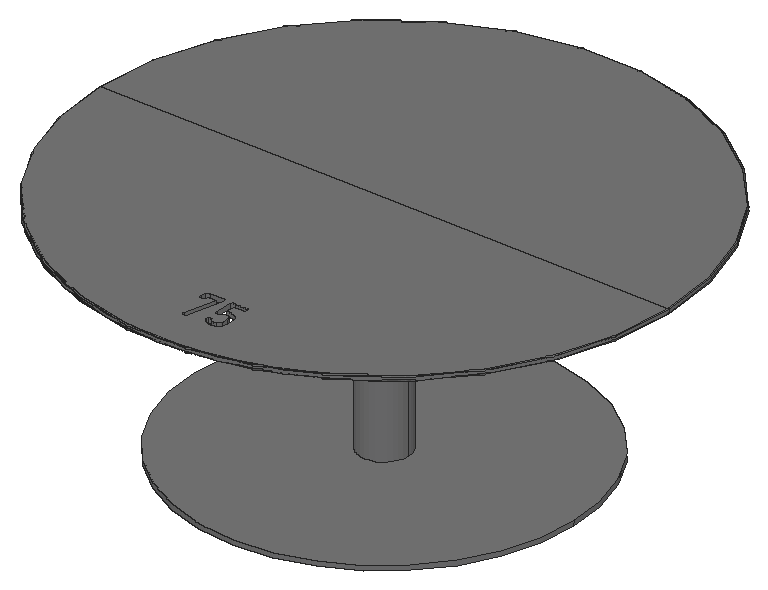
Revit family "Chip", category Furniture, Revit 2015
Parameters (values of type "75")
  Weight = 17.00 kg
  URL = "http://www.loookindustries.com/en/component/djcatalog2/item/1-default/16-area"
  Top = Chip Table Top - 75 : Chip Table Top - 75
  Model = "Chip 75"
  Manufacturer = "Loook Industries Ltd."  # constant formula
  Keynote = "5111"
  Height = 300 mm
  Diameter = 750 mm
  Design by = "IVAR GESTRANIUS & KEVIN LAHTINEN"  # constant formula
  Colour [instance] = RAL 790-4 Effect - Black
  Base = Chip - Table Base : Chip - Table Base 75
  BIM Author = "Mika Leinonen - mikaleinonen@outlook.com"  # constant formula
Types (3, lengths in mm): name | Weight | Top | Model | Height | Diameter | Colour | Base
  35 | 6.80 kg | Chip Table Top - 35 : Chip Table Top - 35 | "Chip 35" | 400 | 350 | RAL 790-4 Effect - Black | Chip - Table Base : Chip - Table Base 35
  55 | 11.50 kg | Chip Table Top - 55 : Chip Table Top - 55 | "Chip 55" | 350 | 550 | RAL 120-1 Effect - White | Chip - Table Base : Chip - Table Base 55
  75 | 17.00 kg | Chip Table Top - 75 : Chip Table Top - 75 | "Chip 75" | 300 | 750 | RAL 790-4 Effect - Black | Chip - Table Base : Chip - Table Base 75
Reference planes
  plane 1 "Center (Front/Back)": y = 0
  plane 2 "Bottom": z = 0
  plane 3 "Center (Left/Right)": x = 0
  plane 4 "Front": y = -375
  plane 5 "Left": x = -375
  plane 6 "Back": y = 375
  plane 7 "Right": x = 375
  plane 8 "Top": z = 300
  plane 9 "Center (Elevation)": z = 150
Dimensions and locks
  equal spacing: plane 5 "Left", plane 3 "Center (Left/Right)", plane 7 "Right"
  equal spacing: plane 6 "Back", plane 1 "Center (Front/Back)", plane 4 "Front"
  "Diameter": plane 5 "Left" to plane 7 "Right"
  "Diameter": plane 6 "Back" to plane 4 "Front"
  equal spacing: plane 8 "Top", plane 9 "Center (Elevation)", plane 2 "Bottom"
  "Height": plane 8 "Top" to plane 2 "Bottom"
  aligned and locked: level to plane 2 "Bottom"
  aligned and locked: plane 3 "Center (Left/Right)" to nested 1
  aligned and locked: plane 1 "Center (Front/Back)" to nested 1
  aligned and locked: plane 1 "Center (Front/Back)" to nested 2
  aligned and locked: plane 3 "Center (Left/Right)" to nested 2
  aligned and locked: plane 8 "Top" to nested 2
Nested families
  nested 1: "Chip - Table Base" at (0, 0, 0), type <- "Base", Colour <- "Colour", type "Chip - Table Base 75"
    with Colour RAL 790-4 Effect - Black, Height 294 mm, Bottom Diameter 500 mm
  nested 2: "Chip Table Top - 75" at (0, 0, 294), Colour <- "Colour", type <- "Top", type "Chip Table Top - 75"
    with Colour RAL 790-4 Effect - Black
Definition of nested family "Chip - Table Base"
  Parameters (values of type "Chip - Table Base 55")
    Top Diameter = 200 mm
    Center Diameter = 63.5 mm
    Manufacturer = "Loook Industries Ltd."
    Height = 344 mm
    Design by = "IVAR GESTRANIUS & KEVIN LAHTINEN"  # constant formula
    Colour [instance] = none
    Bottom Diameter = 400 mm
    BIM Author = "Mika Leinonen - mikaleinonen@outlook.com"  # constant formula
  Types (2, lengths in mm): name | Top Diameter | Center Diameter | Height | Bottom Diameter
    Chip - Table Base 55 | 200 | 63.5 | 344 | 400
    Chip - Table Base 35 | 150 | 44.5 | 394 | 300
  Reference planes
    plane 1 "Center (Front/Back)": y = 0
    plane 2 "Bottom": z = 0
    plane 3 "Center (Left/Right)": x = 0
    plane 4 "Front": y = -100
    plane 5 "Left": x = -100
    plane 6 "Back": y = 100
    plane 7 "Right": x = 100
    plane 8 "Top": z = 344
    plane 9 "Center (Elevation)": z = 172
    plane 10: z = 6
    plane 11: z = 338
    plane 12: y = 200
    plane 13: y = -200
    plane 14: x = 200
    plane 15: x = -200
    plane 16: x = -31.75
    plane 17: x = 31.75
  Forms (mm)
    Extrusion 1, solid
      sketch origin (0, 0, 0) x (1, 0, 0) y (0, 1, 0)
        loop
          circle (0, 0) r 200
      from 0 to 6
    Extrusion 2, solid
      sketch origin (0, 0, 0) x (1, 0, 0) y (0, 1, 0)
        loop
          circle (0, 0) r 31.75
      from 6 to 338
    Extrusion 3, solid
      sketch origin (0, 0, 344) x (-1, 0, 0) y (0, -1, 0)
        loop
          circle (0, 0) r 100
      from -6 to 0
  Cuts and joins
    joined: Extrusion 1, Extrusion 2, Extrusion 3
  Dimensions and locks
    equal spacing: plane 5 "Left", plane 3 "Center (Left/Right)", plane 7 "Right"
    equal spacing: plane 6 "Back", plane 1 "Center (Front/Back)", plane 4 "Front"
    "Top Diameter": plane 5 "Left" to plane 7 "Right"
    "Top Diameter": plane 6 "Back" to plane 4 "Front"
    equal spacing: plane 8 "Top", plane 9 "Center (Elevation)", plane 2 "Bottom"
    locked: plane 10 to plane 2 "Bottom" at 6
    "Height": plane 8 "Top" to plane 2 "Bottom"
    equal spacing: plane 15, plane 3 "Center (Left/Right)", plane 14
    equal spacing: plane 12, plane 1 "Center (Front/Back)", plane 13
    "Bottom Diameter": plane 12 to plane 13
    "Bottom Diameter": plane 15 to plane 14
    locked: plane 8 "Top" to plane 11 at 6
    equal spacing: plane 16, plane 3 "Center (Left/Right)", plane 17
    "Center Diameter": plane 16 to plane 17
    aligned and locked: level to plane 2 "Bottom"
    aligned and locked: Extrusion 1 to level
    aligned and locked: Extrusion 1 to plane 10
    aligned and locked: plane 10 to Extrusion 2
    aligned and locked: plane 11 to Extrusion 2
    aligned and locked: Extrusion 3 to plane 11
    aligned and locked: plane 8 "Top" to Extrusion 3
    aligned and locked: plane 1 "Center (Front/Back)" to Extrusion 3 sketch curve
    aligned and locked: plane 1 "Center (Front/Back)" to Extrusion 1 sketch curve
    aligned and locked: plane 5 "Left" to Extrusion 3 sketch curve
    aligned and locked: plane 15 to Extrusion 1 sketch curve
    aligned and locked: plane 16 to Extrusion 2 sketch curve
    aligned and locked: plane 1 "Center (Front/Back)" to Extrusion 2 sketch curve
  Automatic sketch dimensions
    Extrusion 3 sketch curve to Extrusion 3 sketch curve = 0 mm
    Extrusion 3 sketch curve to plane 7 "Right" = 0 mm
    Extrusion 1 sketch curve to Extrusion 1 sketch curve = 0 mm
    Extrusion 1 sketch curve to plane 3 "Center (Left/Right)" = 0 mm
    Extrusion 2 sketch curve to Extrusion 2 sketch curve = 0 mm
    Extrusion 2 sketch curve to plane 3 "Center (Left/Right)" = 0 mm
Definition of nested family "Chip Table Top - 75"
  Parameters (values of type "Chip Table Top - 75")
    Manufacturer = "Loook Industries Ltd."
    Height = 6 mm  # constant formula
    Diameter = 750 mm  # constant formula
    Design by = "IVAR GESTRANIUS & KEVIN LAHTINEN"  # constant formula
    Colour [instance] = none
    BIM Author = "Mika Leinonen - mikaleinonen@outlook.com"  # constant formula
  Reference planes
    plane 1 "Center (Front/Back)": y = 0
    plane 2 "Bottom": z = 0
    plane 3 "Center (Left/Right)": x = 0
    plane 4 "Front": y = -375
    plane 5 "Left": x = -375
    plane 6 "Back": y = 375
    plane 7 "Right": x = 375
    plane 8 "Top": z = 6
    plane 9 "Center (Elevation)": z = 3
  Forms (mm)
    Revolve 1, solid
      sketch origin (0, 0, 0) x (1, 0, 0) y (0, 0, 1)
        loop
          line (0, 0) -> (0, 6) -> (-374, 6)
          arc (-374, 6) -> (-374.707, 5.707) -> (-375, 5) r 1
          line (-375, 5) -> (-375, 1)
          arc (-375, 1) -> (-374.707, 0.293) -> (-374, 0) r 1
          line (-374, 0) -> (0, 0)
        axis (0, 0) -> (0, 6)
      angle from 0 to 360
    Extrusion 2, void
      sketch origin (0, 0, 0) x (1, 0, 0) y (0, 1, 0)
        loop
          arc (18.795, -269.606) -> (16.385, -270.604) -> (15.387, -273.014) r 3.408
          line (15.387, -273.014) -> (15.387, -295.152)
          arc (15.387, -295.152) -> (15.55, -296.317) -> (16.061, -297.376) r 3.813
          arc (16.061, -297.376) -> (18.477, -298.817) -> (21.148, -297.933) r 3.383
          arc (21.148, -297.933) -> (22.335, -296.259) -> (23.971, -295.019) r 6.748
          arc (23.971, -295.019) -> (26.199, -294.3) -> (28.536, -294.428) r 6.41
          arc (28.536, -294.428) -> (31.92, -296.213) -> (33.274, -299.792) r 5.404
          line (33.274, -299.792) -> (33.274, -308.288)
          arc (33.274, -308.288) -> (32.273, -311.417) -> (29.64, -313.383) r 5.388
          arc (29.64, -313.383) -> (24.702, -313.288) -> (20.993, -310.028) r 7.186
          arc (20.993, -310.028) -> (18.486, -309.344) -> (16.274, -310.707) r 3.264
          arc (16.274, -310.707) -> (15.594, -312.72) -> (16.102, -314.784) r 3.797
          arc (16.102, -314.784) -> (21.462, -319.831) -> (28.695, -321.206) r 13.149
          arc (28.695, -321.206) -> (37.058, -317.014) -> (40.429, -308.288) r 12.977
          line (40.429, -308.288) -> (40.429, -299.792)
          arc (40.429, -299.792) -> (39.314, -294.573) -> (36.164, -290.266) r 12.768
          arc (36.164, -290.266) -> (29.719, -287.065) -> (22.542, -287.583) r 13.66
          line (22.542, -287.583) -> (22.542, -276.761) -> (35.063, -276.761)
          arc (35.063, -276.761) -> (38.64, -273.183) -> (35.063, -269.606) r 3.578
          line (35.063, -269.606) -> (18.795, -269.606)
        loop
          arc (7.636, -274.01) -> (6.976, -270.967) -> (4.175, -269.606) r 3.562
          line (4.175, -269.606) -> (-14.665, -269.606)
          arc (-14.665, -269.606) -> (-17.195, -270.654) -> (-18.242, -273.183) r 3.577
          line (-18.242, -273.183) -> (-18.242, -279.489)
          arc (-18.242, -279.489) -> (-14.456, -283.208) -> (-10.83, -279.332) r 3.708
          line (-10.83, -279.332) -> (-10.83, -276.761) -> (-0.701, -276.761) -> (-10.517, -317.556)
          arc (-10.517, -317.556) -> (-7.22, -321.226) -> (-3.172, -318.406) r 3.726
          line (-3.172, -318.406) -> (7.636, -274.01)
      from 0 to 10
  Cuts and joins
    Extrusion 2 cuts Revolve 1
  Lines and regions (mm)
    Masking region 1
      outline origin (0, 0, 6) x (-1, 0, 0) y (0, -1, 0)
        loop
          circle (0, 0) r 375
        loop
          line (-40.429, 308.288) -> (-40.429, 299.792)
          arc (-40.429, 299.792) -> (-39.314, 294.573) -> (-36.164, 290.266) r 12.768
          arc (-36.164, 290.266) -> (-29.719, 287.065) -> (-22.542, 287.583) r 13.66
          line (-22.542, 287.583) -> (-22.542, 276.761) -> (-35.063, 276.761)
          arc (-35.063, 276.761) -> (-38.64, 273.183) -> (-35.063, 269.606) r 3.578
          line (-35.063, 269.606) -> (-18.795, 269.606)
          arc (-18.795, 269.606) -> (-16.385, 270.604) -> (-15.387, 273.014) r 3.408
          line (-15.387, 273.014) -> (-15.387, 295.152)
          arc (-15.387, 295.152) -> (-15.55, 296.317) -> (-16.061, 297.376) r 3.813
          arc (-16.061, 297.376) -> (-18.477, 298.817) -> (-21.148, 297.933) r 3.383
          arc (-21.148, 297.933) -> (-22.335, 296.259) -> (-23.971, 295.019) r 6.748
          arc (-23.971, 295.019) -> (-26.199, 294.3) -> (-28.536, 294.428) r 6.41
          arc (-28.536, 294.428) -> (-31.92, 296.213) -> (-33.274, 299.792) r 5.404
          line (-33.274, 299.792) -> (-33.274, 308.288)
          arc (-33.274, 308.288) -> (-32.273, 311.417) -> (-29.64, 313.383) r 5.388
          arc (-29.64, 313.383) -> (-24.702, 313.288) -> (-20.993, 310.028) r 7.186
          arc (-20.993, 310.028) -> (-18.486, 309.344) -> (-16.274, 310.707) r 3.264
          arc (-16.274, 310.707) -> (-15.594, 312.72) -> (-16.102, 314.784) r 3.797
          arc (-16.102, 314.784) -> (-21.462, 319.831) -> (-28.695, 321.206) r 13.149
          arc (-28.695, 321.206) -> (-37.058, 317.014) -> (-40.429, 308.288) r 12.977
        loop
          arc (-7.636, 274.01) -> (-6.976, 270.967) -> (-4.175, 269.606) r 3.562
          line (-4.175, 269.606) -> (14.665, 269.606)
          arc (14.665, 269.606) -> (17.195, 270.654) -> (18.242, 273.183) r 3.577
          line (18.242, 273.183) -> (18.242, 279.489)
          arc (18.242, 279.489) -> (14.456, 283.208) -> (10.83, 279.332) r 3.708
          line (10.83, 279.332) -> (10.83, 276.761) -> (0.701, 276.761) -> (10.517, 317.556)
          arc (10.517, 317.556) -> (7.22, 321.226) -> (3.172, 318.406) r 3.726
          line (3.172, 318.406) -> (-7.636, 274.01)
    symbolic lines
      curve 1: arc (-375, 0, 6) -> (0, -375, 6) -> (375, 0, 6) r 375
      curve 2: arc (375, 0, 6) -> (0, 375, 6) -> (-375, 0, 6) r 375
      curve 3: arc (-375, 0, 6) -> (0, -375, 6) -> (375, 0, 6) r 375
      curve 4: arc (375, 0, 6) -> (0, 375, 6) -> (-375, 0, 6) r 375
      curve 5: line (18.795, -269.606, 6) -> (35.063, -269.606, 6)
      curve 6: arc (35.063, -269.606, 6) -> (38.64, -273.183, 6) -> (35.063, -276.761, 6) r 3.578
      curve 7: line (35.063, -276.761, 6) -> (22.542, -276.761, 6)
      curve 8: line (22.542, -276.761, 6) -> (22.542, -287.583, 6)
      curve 9: arc (22.542, -287.583, 6) -> (29.719, -287.065, 6) -> (36.164, -290.266, 6) r 13.66
      curve 10: arc (36.164, -290.266, 6) -> (39.314, -294.573, 6) -> (40.429, -299.792, 6) r 12.768
      curve 11: line (40.429, -299.792, 6) -> (40.429, -308.288, 6)
      curve 12: arc (40.429, -308.288, 6) -> (37.058, -317.014, 6) -> (28.695, -321.206, 6) r 12.977
      curve 13: arc (28.695, -321.206, 6) -> (21.462, -319.831, 6) -> (16.102, -314.784, 6) r 13.149
      curve 14: arc (16.102, -314.784, 6) -> (15.594, -312.72, 6) -> (16.274, -310.707, 6) r 3.797
      curve 15: arc (16.274, -310.707, 6) -> (18.486, -309.344, 6) -> (20.993, -310.028, 6) r 3.264
      curve 16: arc (20.993, -310.028, 6) -> (24.702, -313.288, 6) -> (29.64, -313.383, 6) r 7.186
      curve 17: arc (29.64, -313.383, 6) -> (32.273, -311.417, 6) -> (33.274, -308.288, 6) r 5.388
      curve 18: line (33.274, -308.288, 6) -> (33.274, -299.792, 6)
      curve 19: arc (33.274, -299.792, 6) -> (31.92, -296.213, 6) -> (28.536, -294.428, 6) r 5.404
      curve 20: arc (28.536, -294.428, 6) -> (26.199, -294.3, 6) -> (23.971, -295.019, 6) r 6.41
      curve 21: arc (23.971, -295.019, 6) -> (22.335, -296.259, 6) -> (21.148, -297.933, 6) r 6.748
      curve 22: arc (21.148, -297.933, 6) -> (18.477, -298.817, 6) -> (16.061, -297.376, 6) r 3.383
      curve 23: arc (16.061, -297.376, 6) -> (15.55, -296.317, 6) -> (15.387, -295.152, 6) r 3.813
      curve 24: line (15.387, -295.152, 6) -> (15.387, -273.014, 6)
      curve 25: arc (15.387, -273.014, 6) -> (16.385, -270.604, 6) -> (18.795, -269.606, 6) r 3.408
      curve 26: line (-14.665, -269.606, 6) -> (4.175, -269.606, 6)
      curve 27: arc (4.175, -269.606, 6) -> (6.976, -270.967, 6) -> (7.636, -274.01, 6) r 3.562
      curve 28: line (7.636, -274.01, 6) -> (-3.172, -318.406, 6)
      curve 29: arc (-3.172, -318.406, 6) -> (-7.22, -321.226, 6) -> (-10.517, -317.556, 6) r 3.726
      curve 30: line (-10.517, -317.556, 6) -> (-0.701, -276.761, 6)
      curve 31: line (-0.701, -276.761, 6) -> (-10.83, -276.761, 6)
      curve 32: line (-10.83, -276.761, 6) -> (-10.83, -279.332, 6)
      curve 33: arc (-10.83, -279.332, 6) -> (-14.456, -283.208, 6) -> (-18.242, -279.489, 6) r 3.708
      curve 34: line (-18.242, -279.489, 6) -> (-18.242, -273.183, 6)
      curve 35: arc (-18.242, -273.183, 6) -> (-17.195, -270.654, 6) -> (-14.665, -269.606, 6) r 3.577
      curve 36: line (18.795, -269.606, 6) -> (35.063, -269.606, 6)
      curve 37: arc (35.063, -269.606, 6) -> (38.64, -273.183, 6) -> (35.063, -276.761, 6) r 3.578
      curve 38: line (35.063, -276.761, 6) -> (22.542, -276.761, 6)
      curve 39: line (22.542, -276.761, 6) -> (22.542, -287.583, 6)
      curve 40: arc (22.542, -287.583, 6) -> (29.719, -287.065, 6) -> (36.164, -290.266, 6) r 13.66
      curve 41: arc (36.164, -290.266, 6) -> (39.314, -294.573, 6) -> (40.429, -299.792, 6) r 12.768
      curve 42: line (40.429, -299.792, 6) -> (40.429, -308.288, 6)
      curve 43: arc (40.429, -308.288, 6) -> (37.058, -317.014, 6) -> (28.695, -321.206, 6) r 12.977
      curve 44: arc (28.695, -321.206, 6) -> (21.462, -319.831, 6) -> (16.102, -314.784, 6) r 13.149
      curve 45: arc (16.102, -314.784, 6) -> (15.594, -312.72, 6) -> (16.274, -310.707, 6) r 3.797
      curve 46: arc (16.274, -310.707, 6) -> (18.486, -309.344, 6) -> (20.993, -310.028, 6) r 3.264
      curve 47: arc (20.993, -310.028, 6) -> (24.702, -313.288, 6) -> (29.64, -313.383, 6) r 7.186
      curve 48: arc (29.64, -313.383, 6) -> (32.273, -311.417, 6) -> (33.274, -308.288, 6) r 5.388
      curve 49: line (33.274, -308.288, 6) -> (33.274, -299.792, 6)
      curve 50: arc (33.274, -299.792, 6) -> (31.92, -296.213, 6) -> (28.536, -294.428, 6) r 5.404
      curve 51: arc (28.536, -294.428, 6) -> (26.199, -294.3, 6) -> (23.971, -295.019, 6) r 6.41
      curve 52: arc (23.971, -295.019, 6) -> (22.335, -296.259, 6) -> (21.148, -297.933, 6) r 6.748
      curve 53: arc (21.148, -297.933, 6) -> (18.477, -298.817, 6) -> (16.061, -297.376, 6) r 3.383
      curve 54: arc (16.061, -297.376, 6) -> (15.55, -296.317, 6) -> (15.387, -295.152, 6) r 3.813
      curve 55: line (15.387, -295.152, 6) -> (15.387, -273.014, 6)
      curve 56: arc (15.387, -273.014, 6) -> (16.385, -270.604, 6) -> (18.795, -269.606, 6) r 3.408
      curve 57: line (-14.665, -269.606, 6) -> (4.175, -269.606, 6)
      curve 58: arc (4.175, -269.606, 6) -> (6.976, -270.967, 6) -> (7.636, -274.01, 6) r 3.562
      curve 59: line (7.636, -274.01, 6) -> (-3.172, -318.406, 6)
      curve 60: arc (-3.172, -318.406, 6) -> (-7.22, -321.226, 6) -> (-10.517, -317.556, 6) r 3.726
      curve 61: line (-10.517, -317.556, 6) -> (-0.701, -276.761, 6)
      curve 62: line (-0.701, -276.761, 6) -> (-10.83, -276.761, 6)
      curve 63: line (-10.83, -276.761, 6) -> (-10.83, -279.332, 6)
      curve 64: arc (-10.83, -279.332, 6) -> (-14.456, -283.208, 6) -> (-18.242, -279.489, 6) r 3.708
      curve 65: line (-18.242, -279.489, 6) -> (-18.242, -273.183, 6)
      curve 66: arc (-18.242, -273.183, 6) -> (-17.195, -270.654, 6) -> (-14.665, -269.606, 6) r 3.577
  Dimensions and locks
    equal spacing: plane 5 "Left", plane 3 "Center (Left/Right)", plane 7 "Right"
    equal spacing: plane 6 "Back", plane 1 "Center (Front/Back)", plane 4 "Front"
    "Diameter": plane 5 "Left" to plane 7 "Right"
    "Diameter": plane 6 "Back" to plane 4 "Front"
    equal spacing: plane 8 "Top", plane 9 "Center (Elevation)", plane 2 "Bottom"
    "Height": plane 8 "Top" to plane 2 "Bottom"
    aligned and locked: level to plane 2 "Bottom"
  Automatic sketch dimensions
    plane 5 "Left" to Revolve 1 sketch curve = 0 mm
    Revolve 1 sketch curve to plane 8 "Top" = 0 mm  (x2)
    Revolve 1 sketch curve to level = 0 mm  (x2)
    Revolve 1 sketch curve to plane 3 "Center (Left/Right)" = 0 mm  (x2)
    Revolve 1 sketch curve to Revolve 1 sketch curve = 1 mm
    Revolve 1 sketch curve to plane 5 "Left" = 1 mm
    plane 1 "Center (Front/Back)" to curve 2 = 0 mm
    curve 2 to plane 7 "Right" = 0 mm
    curve 2 to plane 3 "Center (Left/Right)" = 0 mm
    curve 1 to curve 3 = 0 mm  (x2)
    curve 4 to plane 7 "Right" = 0 mm
    Extrusion 2 sketch curve to plane 3 "Center (Left/Right)" = 18.242 mm
    Extrusion 2 sketch curve to Extrusion 2 sketch curve = 3.577 mm
    Extrusion 2 sketch curve to Extrusion 2 sketch curve = 3.708 mm
    Extrusion 2 sketch curve to Extrusion 2 sketch curve = 3.704 mm
    Extrusion 2 sketch curve to plane 3 "Center (Left/Right)" = 10.517 mm
    Extrusion 2 sketch curve to Extrusion 2 sketch curve = 3.725 mm
    Extrusion 2 sketch curve to plane 3 "Center (Left/Right)" = 3.172 mm
    Extrusion 2 sketch curve to plane 3 "Center (Left/Right)" = 0.701 mm
    plane 3 "Center (Left/Right)" to Extrusion 2 sketch curve = 4.175 mm
    Extrusion 2 sketch curve to Extrusion 2 sketch curve = 3.461 mm
    plane 3 "Center (Left/Right)" to Extrusion 2 sketch curve = 15.387 mm
    Extrusion 2 sketch curve to Extrusion 2 sketch curve = 3.408 mm
    Extrusion 2 sketch curve to Extrusion 2 sketch curve = 3.459 mm
    Extrusion 2 sketch curve to Extrusion 2 sketch curve = 0.106 mm
    Extrusion 2 sketch curve to Extrusion 2 sketch curve = 0.354 mm
    Extrusion 2 sketch curve to Extrusion 2 sketch curve = 0.437 mm
    Extrusion 2 sketch curve to Extrusion 2 sketch curve = 3.747 mm
    Extrusion 2 sketch curve to Extrusion 2 sketch curve = 7.821 mm
    Extrusion 2 sketch curve to Extrusion 2 sketch curve = 0.058 mm
    Extrusion 2 sketch curve to Extrusion 2 sketch curve = 0.161 mm
    Extrusion 2 sketch curve to Extrusion 2 sketch curve = 0.12 mm
    Extrusion 2 sketch curve to Extrusion 2 sketch curve = 0.134 mm
    Extrusion 2 sketch curve to Extrusion 2 sketch curve = 0.016 mm
    Extrusion 2 sketch curve to Extrusion 2 sketch curve = 0.583 mm
    Extrusion 2 sketch curve to Extrusion 2 sketch curve = 0.208 mm
    Extrusion 2 sketch curve to Extrusion 2 sketch curve = 0.434 mm
    Extrusion 2 sketch curve to Extrusion 2 sketch curve = 5.404 mm
    Extrusion 2 sketch curve to Extrusion 2 sketch curve = 12.521 mm
    Extrusion 2 sketch curve to Extrusion 2 sketch curve = 7.155 mm
    Extrusion 2 sketch curve to plane 4 "Front" = 56.594 mm
    Extrusion 2 sketch curve to Extrusion 2 sketch curve = 0.85 mm
    Extrusion 2 sketch curve to Extrusion 2 sketch curve = 5.526 mm
    Extrusion 2 sketch curve to Extrusion 2 sketch curve = 0.305 mm
    Extrusion 2 sketch curve to Extrusion 2 sketch curve = 4.592 mm
    Extrusion 2 sketch curve to Extrusion 2 sketch curve = 0 mm  (x5)
    Extrusion 2 sketch curve to Extrusion 2 sketch curve = 0.171 mm
    Extrusion 2 sketch curve to Extrusion 2 sketch curve = 1.529 mm
    Extrusion 2 sketch curve to Extrusion 2 sketch curve = 5.635 mm
    Extrusion 2 sketch curve to Extrusion 2 sketch curve = 0.297 mm
    Extrusion 2 sketch curve to Extrusion 2 sketch curve = 0.189 mm
    Extrusion 2 sketch curve to Extrusion 2 sketch curve = 0.676 mm
    Extrusion 2 sketch curve to Extrusion 2 sketch curve = 5.014 mm
    Extrusion 2 sketch curve to Extrusion 2 sketch curve = 0.244 mm
    Extrusion 2 sketch curve to Extrusion 2 sketch curve = 0.303 mm
    Extrusion 2 sketch curve to Extrusion 2 sketch curve = 7.627 mm
    Extrusion 2 sketch curve to Extrusion 2 sketch curve = 15.651 mm
    Extrusion 2 sketch curve to Extrusion 2 sketch curve = 0.012 mm
    Extrusion 2 sketch curve to Extrusion 2 sketch curve = 2.571 mm
    Extrusion 2 sketch curve to Extrusion 2 sketch curve = 10.822 mm
    Extrusion 2 sketch curve to Extrusion 2 sketch curve = 2.751 mm
    Extrusion 2 sketch curve to Extrusion 2 sketch curve = 3.578 mm  (x2)
    Extrusion 2 sketch curve to Extrusion 2 sketch curve = 2.849 mm
    Extrusion 2 sketch curve to Extrusion 2 sketch curve = 2.677 mm
    Extrusion 2 sketch curve to Extrusion 2 sketch curve = 2.042 mm
    Extrusion 2 sketch curve to Extrusion 2 sketch curve = 1.948 mm
    plane 1 "Center (Front/Back)" to Masking region 1 sketch curve = 0 mm
    Masking region 1 sketch curve to plane 7 "Right" = 0 mm
    Masking region 1 sketch curve to plane 3 "Center (Left/Right)" = 0 mm
    plane 3 "Center (Left/Right)" to Masking region 1 sketch curve = 40.429 mm
    Masking region 1 sketch curve to Masking region 1 sketch curve = 5.367 mm
    Masking region 1 sketch curve to Masking region 1 sketch curve = 7.155 mm
    Masking region 1 sketch curve to Masking region 1 sketch curve = 5.388 mm
    Masking region 1 sketch curve to Masking region 1 sketch curve = 5.404 mm
    Masking region 1 sketch curve to Masking region 1 sketch curve = 0.208 mm
    Masking region 1 sketch curve to Masking region 1 sketch curve = 0.434 mm
    Masking region 1 sketch curve to Masking region 1 sketch curve = 0.016 mm
    Masking region 1 sketch curve to Masking region 1 sketch curve = 0.134 mm
    Masking region 1 sketch curve to Masking region 1 sketch curve = 0.48 mm
    Masking region 1 sketch curve to Masking region 1 sketch curve = 0.102 mm
    Masking region 1 sketch curve to Masking region 1 sketch curve = 0.058 mm  (x2)
    Masking region 1 sketch curve to Masking region 1 sketch curve = 12.521 mm
    Masking region 1 sketch curve to Masking region 1 sketch curve = 8.064 mm
    Masking region 1 sketch curve to Masking region 1 sketch curve = 3.342 mm
    Masking region 1 sketch curve to Masking region 1 sketch curve = 0.437 mm
    Masking region 1 sketch curve to Masking region 1 sketch curve = 0.354 mm
    Masking region 1 sketch curve to Masking region 1 sketch curve = 3.747 mm
    Masking region 1 sketch curve to Masking region 1 sketch curve = 3.459 mm
    Masking region 1 sketch curve to plane 4 "Front" = 105.394 mm
    Masking region 1 sketch curve to Masking region 1 sketch curve = 3.578 mm
    Masking region 1 sketch curve to Masking region 1 sketch curve = 10.822 mm
    Masking region 1 sketch curve to Masking region 1 sketch curve = 7.569 mm
    Masking region 1 sketch curve to Masking region 1 sketch curve = 0.244 mm
    Masking region 1 sketch curve to Masking region 1 sketch curve = 4.581 mm
    Masking region 1 sketch curve to Masking region 1 sketch curve = 0 mm  (x6)
    Masking region 1 sketch curve to Masking region 1 sketch curve = 0.676 mm
    Masking region 1 sketch curve to Masking region 1 sketch curve = 0.189 mm
    Masking region 1 sketch curve to Masking region 1 sketch curve = 0.297 mm
    Masking region 1 sketch curve to Masking region 1 sketch curve = 5.635 mm
    Masking region 1 sketch curve to Masking region 1 sketch curve = 1.529 mm
    Masking region 1 sketch curve to Masking region 1 sketch curve = 0.171 mm
    Masking region 1 sketch curve to Masking region 1 sketch curve = 4.287 mm
    Masking region 1 sketch curve to Masking region 1 sketch curve = 0.305 mm
    Masking region 1 sketch curve to Masking region 1 sketch curve = 0.666 mm
    Masking region 1 sketch curve to Masking region 1 sketch curve = 1.948 mm
    Masking region 1 sketch curve to Masking region 1 sketch curve = 2.042 mm
    plane 3 "Center (Left/Right)" to Masking region 1 sketch curve = 7.636 mm
    Masking region 1 sketch curve to Masking region 1 sketch curve = 3.461 mm
    Masking region 1 sketch curve to plane 3 "Center (Left/Right)" = 0.701 mm
    Masking region 1 sketch curve to plane 3 "Center (Left/Right)" = 3.172 mm
    Masking region 1 sketch curve to Masking region 1 sketch curve = 3.62 mm
    Masking region 1 sketch curve to Masking region 1 sketch curve = 3.725 mm
    Masking region 1 sketch curve to Masking region 1 sketch curve = 10.129 mm
    Masking region 1 sketch curve to Masking region 1 sketch curve = 3.704 mm
    Masking region 1 sketch curve to Masking region 1 sketch curve = 3.835 mm
    Masking region 1 sketch curve to Masking region 1 sketch curve = 3.577 mm
    Masking region 1 sketch curve to Masking region 1 sketch curve = 3.408 mm
    Masking region 1 sketch curve to Masking region 1 sketch curve = 3.562 mm
    Masking region 1 sketch curve to Masking region 1 sketch curve = 3.593 mm
    Masking region 1 sketch curve to Masking region 1 sketch curve = 2.571 mm
    Masking region 1 sketch curve to Masking region 1 sketch curve = 6.306 mm
    Masking region 1 sketch curve to Masking region 1 sketch curve = 2.741 mm
    Masking region 1 sketch curve to Masking region 1 sketch curve = 0.032 mm
    plane 3 "Center (Left/Right)" to curve 11 = 40.429 mm
    curve 11 to curve 5 = 5.367 mm
    curve 10 to curve 18 = 7.155 mm
    curve 18 to curve 17 = 5.388 mm
    curve 18 to curve 19 = 5.404 mm
    curve 19 to curve 10 = 0.208 mm
    curve 17 to curve 12 = 0.434 mm
    curve 12 to curve 13 = 0.016 mm
    curve 13 to curve 16 = 0.134 mm
    curve 10 to curve 21 = 0.48 mm
    curve 21 to curve 9 = 0.102 mm
    curve 9 to curve 20 = 0.058 mm
    curve 7 to curve 7 = 12.521 mm
    curve 12 to curve 14 = 8.064 mm
    curve 8 to curve 23 = 3.342 mm
    curve 14 to curve 15 = 0.437 mm
    curve 23 to curve 22 = 0.354 mm
    curve 7 to curve 25 = 3.747 mm
    curve 22 to curve 24 = 3.459 mm
    curve 5 to plane 4 "Front" = 105.394 mm
    curve 5 to curve 6 = 3.578 mm
    curve 7 to curve 8 = 10.822 mm
    curve 8 to curve 24 = 7.569 mm
    curve 23 to curve 23 = 0.058 mm
    curve 23 to curve 22 = 0.244 mm
    curve 9 to curve 11 = 12.208 mm
    curve 10 to curve 18 = 0 mm
    curve 10 to curve 9 = 0.676 mm
    curve 9 to curve 20 = 0.189 mm
    curve 20 to curve 21 = 0.297 mm
    curve 21 to curve 16 = 5.635 mm
    curve 16 to curve 13 = 1.529 mm
    curve 13 to curve 17 = 0.171 mm
    curve 17 to curve 11 = 0 mm
    curve 12 to curve 15 = 4.287 mm
    curve 15 to curve 14 = 0.305 mm
    curve 16 to curve 17 = 0 mm
    curve 13 to curve 12 = 0 mm
    curve 20 to curve 19 = 0.666 mm
    curve 21 to curve 20 = 0 mm
    curve 21 to curve 23 = 1.948 mm
    curve 15 to curve 15 = 2.042 mm
    curve 14 to curve 15 = 0 mm
    plane 3 "Center (Left/Right)" to curve 28 = 7.636 mm
    curve 27 to curve 27 = 3.461 mm
    curve 30 to plane 3 "Center (Left/Right)" = 0.701 mm
    curve 28 to plane 3 "Center (Left/Right)" = 3.172 mm
    curve 28 to curve 29 = 3.62 mm
    curve 29 to curve 30 = 3.725 mm
    curve 30 to curve 31 = 10.129 mm
    curve 32 to curve 33 = 3.704 mm
    curve 31 to curve 26 = 3.835 mm
    curve 35 to curve 34 = 3.577 mm
    curve 26 to curve 25 = 3.408 mm
    curve 26 to curve 27 = 3.562 mm
    curve 35 to curve 32 = 3.578 mm
    curve 31 to curve 32 = 2.571 mm
    curve 34 to curve 34 = 6.306 mm
    curve 13 to curve 29 = 2.741 mm
    curve 29 to curve 30 = 0.032 mm
    curve 9 to curve 40 = 0 mm
    curve 13 to curve 44 = 0 mm
    curve 14 to curve 45 = 0 mm
    curve 15 to curve 46 = 0 mm
    curve 16 to curve 47 = 0 mm
    curve 20 to curve 51 = 0 mm
    curve 21 to curve 52 = 0 mm
    curve 22 to curve 53 = 0 mm
    curve 23 to curve 54 = 0 mm
    curve 29 to curve 60 = 0 mm
    curve 33 to curve 64 = 0 mm
